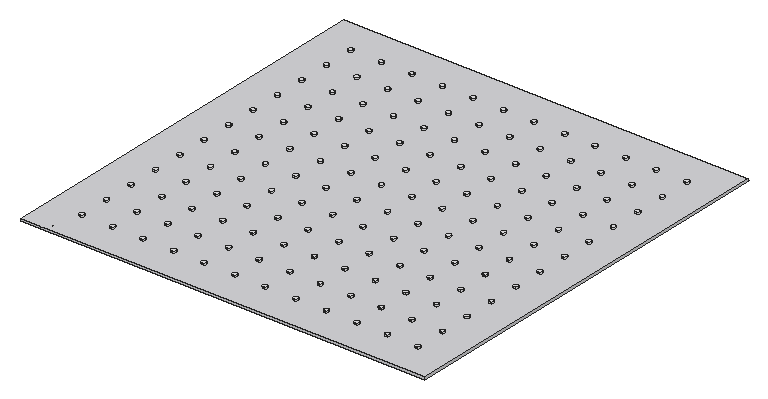
Revit family "Shower-Showerhead-KOHLER-KATALYST-K-9301T", category Plumbing Fixtures, host Face, Revit 2017
Family settings
  Host = Face
  Round Connector Dimension = Use Diameter
  Part Type = Normal
  OmniClass Number = 23.31.17.00
  Cut with Voids When Loaded = No
  Shared = No
  Room Calculation Point = No
Parameters (values of type "CP-Polished Chrome")
  Width = 15 15/128"  # constant formula
  WaterSense Certified = 1 = 0  # no
  Waste Water Outlet = "Waste Water Outlet"  # constant formula
  Waste Connection = 1 = 0  # no
  Vent Connection = 1 = 0  # no
  URL = "http://www.kohler.com.cn/"
  Type = 1
  Tempered Water Inlet = "Tempered Water Inlet"  # constant formula
  Product Page URL = "https://www.kohler.com.cn/product/K-9301T-CL-CP/K-9301T-CL-CP/"
  Product Name = "KATALYST"  # constant formula
  Product Documentation Link = "https://files.kohler.com.cn/pdfs/9301t.pdf"
  Pressure = 0.00 psi
  Panel Thickness = 0"
  Model = if(Type = 1, "K-9301T-CL-CP", if(Type = 2, "K-9301T-CL-AF", if(Type = 3, "K-9301T-CL-BN", "NA")))  # "K-9301T-CL-CP"
  Material = "Premium Metal Construction"  # constant formula
  Master Format 2014 Name = "Residential Showers"  # constant formula
  Master Format 2014 = "22 42 23"  # constant formula
  Manufacturer Address = "Kohler Beijing Office (100016)\n36-2-03-B, No. 88, Liuxiang Road, Beijing"  # constant formula
  Manufacturer = "KOHLER Co."  # constant formula
  Length = 15 15/128"  # constant formula
  Hot Water Inlet = "Hot Water Inlet"  # constant formula
  Height = 2 103/256"  # constant formula
  HW Connection = 1 = 1  # yes
  Flow Rate = 0 GPM
  Finish = Kohler-Metal-CP-Polished_Chrome
  Environmental Product Declaration = ""
  Drain Included = 1 = 0  # no
  Description = "Lori Xpress Rain Ceiling Shower 14"  # constant formula
  Default Elevation = 0"
  Declare Label = ""
  Date Modified = "11/04/2020"  # constant formula
  Date Created = "11/04/2020"  # constant formula
  Copyright = "Copyright KOHLER Co."  # constant formula
  Contact Us = "http://www.kohler.com.cn/contact/contact-us/"
  Cold Water Inlet = "Cold Water Inlet"  # constant formula
  CW Connection = 1 = 0  # no
  Assembly Code = "D2010700"
  ADA Compliant = 1 = 0  # no
Reference planes (in)
  plane 1 "Center (Front/Back)": y = 0
  plane 2: z = 0
  plane 3 "Center (Left/Right)": x = 0
  plane 4: z = 2.40234
  plane 5: y = 7.55906
  plane 6: y = -7.55813
  plane 7: y = 0.49606
  plane 8: y = -0.49606
  plane 9: x = -7.55906
  plane 10: x = 7.55813
  plane 11: x = -0.49609
  plane 12: x = 0.49609
Dimensions and locks (in)
  "Height": plane 4 to level
  "Length": plane 6 to plane 5
  "Width": plane 9 to plane 10
  aligned and locked: plane 2 to host face
  aligned and locked: level to host face
  aligned and locked: plane 7 to nested 1
Automatic sketch dimensions
  host sketch curve to host sketch curve = 96"  (x2)
Nested families (in)
  nested 1: "K-9301T" at (0, 0, 0), type "K-9301T"
Connectors (in)
  piping at (0, 0, 0), diameter 0.5, driven by "HW Connection", driven by "Tempered Water Inlet"
    settings: on nested 1, index 1, connector inside diameter 24", connector length 0", flow factor 0, pipe flow 0 GPM, pressure drop 0.00 psi, fitting loss kfactor 0, connector angle 0.00°, fixture units 0, engagement length 0", angle of deflection 0.00°, flow configuration 0, flow direction 1, fitting loss method 0, system type 19, joint type 0, gender type 0, connector reference index -1, connector utility 1, adjustable connector no, is connector primary yes, connector description "Tempered Water Inlet"
Definition of nested family "K-9301T"
  Parameters (values of type "K-9301T")
    Material = none
  Reference planes (in)
    plane 1 "Center (Front/Back)": y = 0
    plane 2: z = 0
    plane 3 "Center (Left/Right)": x = 0
    plane 4: y = 0.49606
    plane 5: y = -0.49606
    plane 6: z = 2.40159
    plane 7: y = 7.55906
    plane 8: y = -7.55906
    plane 9: x = -7.55906
    plane 10: x = 7.55906
    plane 11: x = -0.49609
    plane 12: x = 0.49609
  Forms (in)
    Revolve 1, solid, material <- "Material", detail levels medium+fine
      sketch origin (0, 0, 0) x (0, 1, 0) y (0, 0, 1)
        loop
          line (0, 0) -> (0, 2.06693) -> (-0.7185, 2.06693) -> (-0.7185, 0.98819) -> (-0.44205, 0.98819)
          arc (-0.44205, 0.98819) -> (-0.3934, 0.92375) -> (-0.33489, 0.86809) r 0.49361
          arc (-0.33489, 0.86809) -> (-0.30972, 0.80361) -> (-0.3526, 0.74926) r 0.06965
          arc (-0.3526, 0.74926) -> (-0.45684, 0.665) -> (-0.49606, 0.53684) r 0.22899
          line (-0.49606, 0.53684) -> (-0.49606, 0.01986)
          arc (-0.49606, 0.01986) -> (-0.49025, 0.00582) -> (-0.4762, 0) r 0.01986
          line (-0.4762, 0) -> (0, 0)
        axis (0, 2.06693) -> (0, 0)
      angle from 0 to 360
    Extrusion 2, solid, material <- "Material", detail levels medium+fine
      sketch origin (0, 0, 0) x (0, 1, 0) y (0, 0, 1)
        loop
          line (6.92913, 2.32283) -> (-6.92913, 2.32283) -> (-6.92913, 2.12297)
          arc (-6.92913, 2.12297) -> (-6.91272, 2.08334) -> (-6.8731, 2.06693) r 0.05604
          line (-6.8731, 2.06693) -> (6.8731, 2.06693)
          arc (6.8731, 2.06693) -> (6.91272, 2.08334) -> (6.92913, 2.12297) r 0.05604
          line (6.92913, 2.12297) -> (6.92913, 2.32283)
      from -6.92913 to 6.92913
    Extrusion 3, solid, material <- "Material", detail levels medium+fine
      sketch origin (0, 0, 0) x (1, 0, 0) y (0, 0, 1)
        loop
          line (-7.55906, 2.32283) -> (7.55906, 2.32283) -> (7.55906, 2.40159) -> (-7.55906, 2.40159) -> (-7.55906, 2.32283)
      from -7.55906 to 7.55906
    Extrusion 4, solid, detail levels medium+fine
      sketch origin (0, 0, 0) x (1, 0, 0) y (0, 1, 0)
        loop
          circle (-0.57052, 6.28093) r 0.08381
        loop
          circle (-1.71358, 6.28093) r 0.08381
        loop
          circle (-2.85405, 6.28093) r 0.08381
        loop
          circle (-4.00018, 6.28093) r 0.08381
        loop
          circle (-5.13738, 6.28093) r 0.08381
        loop
          circle (-6.28188, 6.28093) r 0.08381
        loop
          circle (-6.28188, 5.13698) r 0.08381
        loop
          circle (-5.13743, 5.13698) r 0.08381
        loop
          circle (-3.99214, 5.13698) r 0.08381
        loop
          circle (-2.8546, 5.13698) r 0.08381
        loop
          circle (-1.71395, 5.13698) r 0.08381
        loop
          circle (-0.5698, 5.13698) r 0.08381
        loop
          circle (-0.5698, 3.98727) r 0.08381
        loop
          circle (-1.71268, 3.98727) r 0.08381
        loop
          circle (-2.85685, 3.98727) r 0.08381
        loop
          circle (-3.99496, 3.98727) r 0.08381
        loop
          circle (-5.13601, 3.98727) r 0.08381
        loop
          circle (-6.27903, 3.98727) r 0.08381
        loop
          circle (-6.27903, 2.84953) r 0.08381
        loop
          circle (-5.13782, 2.84953) r 0.08381
        loop
          circle (-3.99267, 2.84953) r 0.08381
        loop
          circle (-2.85369, 2.84953) r 0.08381
        loop
          circle (-1.70991, 2.84953) r 0.08381
        loop
          circle (-0.57088, 2.84953) r 0.08381
        loop
          circle (-0.57088, 1.70925) r 0.08381
        loop
          circle (-1.71034, 1.70925) r 0.08381
        loop
          circle (-2.85346, 1.70925) r 0.08381
        loop
          circle (-3.99568, 1.70925) r 0.08381
        loop
          circle (-5.13657, 1.70925) r 0.08381
        loop
          circle (-6.27901, 1.70925) r 0.08381
        loop
          circle (-6.27901, 0.56971) r 0.08381
        loop
          circle (-5.13921, 0.56971) r 0.08381
        loop
          circle (-3.9962, 0.56971) r 0.08381
        loop
          circle (-2.84787, 0.56971) r 0.08381
        loop
          circle (-1.70725, 0.56971) r 0.08381
        loop
          circle (-0.57244, 0.56971) r 0.08381
        loop
          circle (-0.57244, -0.5744) r 0.08381
        loop
          circle (-1.71575, -0.5744) r 0.08381
        loop
          circle (-2.85712, -0.5744) r 0.08381
        loop
          circle (-3.99316, -0.5744) r 0.08381
        loop
          circle (-5.1314, -0.5744) r 0.08381
        loop
          circle (-6.27895, -0.5744) r 0.08381
        loop
          circle (-0.57052, -6.28093) r 0.08381
        loop
          circle (-1.71358, -6.28093) r 0.08381
        loop
          circle (-2.85405, -6.28093) r 0.08381
        loop
          circle (-4.00018, -6.28093) r 0.08381
        loop
          circle (-5.13738, -6.28093) r 0.08381
        loop
          circle (-6.28188, -6.28093) r 0.08381
        loop
          circle (-6.28188, -5.13698) r 0.08381
        loop
          circle (-5.13743, -5.13698) r 0.08381
        loop
          circle (-3.99214, -5.13698) r 0.08381
        loop
          circle (-2.8546, -5.13698) r 0.08381
        loop
          circle (-1.71395, -5.13698) r 0.08381
        loop
          circle (-0.5698, -5.13698) r 0.08381
        loop
          circle (-0.5698, -3.98727) r 0.08381
        loop
          circle (-1.71268, -3.98727) r 0.08381
        loop
          circle (-2.85685, -3.98727) r 0.08381
        loop
          circle (-3.99496, -3.98727) r 0.08381
        loop
          circle (-5.13601, -3.98727) r 0.08381
        loop
          circle (-6.27903, -3.98727) r 0.08381
        loop
          circle (-6.27903, -2.84953) r 0.08381
        loop
          circle (-5.13782, -2.84953) r 0.08381
        loop
          circle (-3.99267, -2.84953) r 0.08381
        loop
          circle (-2.85369, -2.84953) r 0.08381
        loop
          circle (-1.70991, -2.84953) r 0.08381
        loop
          circle (-0.57088, -2.84953) r 0.08381
        loop
          circle (-0.57088, -1.70925) r 0.08381
        loop
          circle (-1.71034, -1.70925) r 0.08381
        loop
          circle (-2.85346, -1.70925) r 0.08381
        loop
          circle (-3.99568, -1.70925) r 0.08381
        loop
          circle (-5.13657, -1.70925) r 0.08381
        loop
          circle (-6.27901, -1.70925) r 0.08381
        loop
          circle (0.57052, 6.28093) r 0.08381
        loop
          circle (1.71358, 6.28093) r 0.08381
        loop
          circle (2.85405, 6.28093) r 0.08381
        loop
          circle (4.00018, 6.28093) r 0.08381
        loop
          circle (5.13738, 6.28093) r 0.08381
        loop
          circle (6.28188, 6.28093) r 0.08381
        loop
          circle (6.28188, 5.13698) r 0.08381
        loop
          circle (5.13743, 5.13698) r 0.08381
        loop
          circle (3.99214, 5.13698) r 0.08381
        loop
          circle (2.8546, 5.13698) r 0.08381
        loop
          circle (1.71395, 5.13698) r 0.08381
        loop
          circle (0.5698, 5.13698) r 0.08381
        loop
          circle (0.5698, 3.98727) r 0.08381
        loop
          circle (1.71268, 3.98727) r 0.08381
        loop
          circle (2.85685, 3.98727) r 0.08381
        loop
          circle (3.99496, 3.98727) r 0.08381
        loop
          circle (5.13601, 3.98727) r 0.08381
        loop
          circle (6.27903, 3.98727) r 0.08381
        loop
          circle (6.27903, 2.84953) r 0.08381
        loop
          circle (5.13782, 2.84953) r 0.08381
        loop
          circle (3.99267, 2.84953) r 0.08381
        loop
          circle (2.85369, 2.84953) r 0.08381
        loop
          circle (1.70991, 2.84953) r 0.08381
        loop
          circle (0.57088, 2.84953) r 0.08381
        loop
          circle (0.57088, 1.70925) r 0.08381
        loop
          circle (1.71034, 1.70925) r 0.08381
        loop
          circle (2.85346, 1.70925) r 0.08381
        loop
          circle (3.99568, 1.70925) r 0.08381
        loop
          circle (5.13657, 1.70925) r 0.08381
        loop
          circle (6.27901, 1.70925) r 0.08381
        loop
          circle (6.27901, 0.56971) r 0.08381
        loop
          circle (5.13921, 0.56971) r 0.08381
        loop
          circle (3.9962, 0.56971) r 0.08381
        loop
          circle (2.84787, 0.56971) r 0.08381
        loop
          circle (1.70725, 0.56971) r 0.08381
        loop
          circle (0.57244, 0.56971) r 0.08381
        loop
          circle (0.57244, -0.5744) r 0.08381
        loop
          circle (1.71575, -0.5744) r 0.08381
        loop
          circle (2.85712, -0.5744) r 0.08381
        loop
          circle (3.99316, -0.5744) r 0.08381
        loop
          circle (5.1314, -0.5744) r 0.08381
        loop
          circle (6.27895, -0.5744) r 0.08381
        loop
          circle (0.57052, -6.28093) r 0.08381
        loop
          circle (1.71358, -6.28093) r 0.08381
        loop
          circle (2.85405, -6.28093) r 0.08381
        loop
          circle (4.00018, -6.28093) r 0.08381
        loop
          circle (5.13738, -6.28093) r 0.08381
        loop
          circle (6.28188, -6.28093) r 0.08381
        loop
          circle (6.28188, -5.13698) r 0.08381
        loop
          circle (5.13743, -5.13698) r 0.08381
        loop
          circle (3.99214, -5.13698) r 0.08381
        loop
          circle (2.8546, -5.13698) r 0.08381
        loop
          circle (1.71395, -5.13698) r 0.08381
        loop
          circle (0.5698, -5.13698) r 0.08381
        loop
          circle (0.5698, -3.98727) r 0.08381
        loop
          circle (1.71268, -3.98727) r 0.08381
        loop
          circle (2.85685, -3.98727) r 0.08381
        loop
          circle (3.99496, -3.98727) r 0.08381
        loop
          circle (5.13601, -3.98727) r 0.08381
        loop
          circle (6.27903, -3.98727) r 0.08381
        loop
          circle (6.27903, -2.84953) r 0.08381
        loop
          circle (5.13782, -2.84953) r 0.08381
        loop
          circle (3.99267, -2.84953) r 0.08381
        loop
          circle (2.85369, -2.84953) r 0.08381
        loop
          circle (1.70991, -2.84953) r 0.08381
        loop
          circle (0.57088, -2.84953) r 0.08381
        loop
          circle (0.57088, -1.70925) r 0.08381
        loop
          circle (1.71034, -1.70925) r 0.08381
        loop
          circle (2.85346, -1.70925) r 0.08381
        loop
          circle (3.99568, -1.70925) r 0.08381
        loop
          circle (5.13657, -1.70925) r 0.08381
        loop
          circle (6.27901, -1.70925) r 0.08381
      from 2.25866 to 2.43036
    Extrusion 5, void
      sketch origin (0, 0, 0) x (0, 1, 0) y (0, 0, 1)
        loop
          line (0.19852, 0.16897) -> (0.19852, 0.53681)
          arc (0.19852, 0.53681) -> (0.18724, 0.58248) -> (0.15601, 0.61766) r 0.09816
          arc (0.15601, 0.61766) -> (0.08169, 0.65443) -> (0, 0.66867) r 0.29005
          arc (0, 0.66867) -> (-0.08169, 0.65443) -> (-0.15601, 0.61766) r 0.29005
          arc (-0.15601, 0.61766) -> (-0.18724, 0.58248) -> (-0.19852, 0.53681) r 0.09816
          line (-0.19852, 0.53681) -> (-0.19852, 0.16897)
          arc (-0.19852, 0.16897) -> (0, 0.12746) -> (0.19852, 0.16897) r 0.49544
      from 0.4315 to 0.68898
    Extrusion 6, void
      sketch origin (0, 0, 0) x (0, 1, 0) y (0, 0, 1)
        loop
          line (-0.20327, 1.46143) -> (-0.20327, 0.98819) -> (0.20551, 0.98819) -> (0.20551, 1.46143) -> (-0.20327, 1.46143)
      from 0.65066 to 1.01107
    Extrusion 7, void
      sketch origin (0, 0, 0) x (0, 1, 0) y (0, 0, 1)
        loop
          arc (0.19852, 0.53684) -> (0.18774, 0.58017) -> (0.15793, 0.61341) r 0.09254
          arc (0.15793, 0.61341) -> (0.0826, 0.65055) -> (0, 0.66575) r 0.30515
          arc (0, 0.66575) -> (-0.0826, 0.65055) -> (-0.15793, 0.61341) r 0.30515
          arc (-0.15793, 0.61341) -> (-0.18932, 0.57706) -> (-0.19825, 0.52987) r 0.09254
          line (-0.19825, 0.52987) -> (-0.19825, 0.16774)
          arc (-0.19825, 0.16774) -> (0.00014, 0.12745) -> (0.19852, 0.16785) r 0.50786
          line (0.19852, 0.16785) -> (0.19852, 0.53684)
      from -0.75336 to -0.46987
    Extrusion 8, void
      sketch origin (0, 0, 0) x (0, 1, 0) y (0, 0, 1)
        loop
          line (0.20386, 1.46462) -> (-0.20426, 1.46462) -> (-0.20426, 0.98819) -> (0.20386, 0.98819) -> (0.20386, 1.46462)
      from -0.91154 to -0.64986
    Revolve 9, solid, material <- "Material", detail levels coarse
      sketch origin (0, 0, 0) x (0, 1, 0) y (0, 0, 1)
        loop
          line (0, 0) -> (0.54127, 0) -> (0.54127, 0.59055)
          arc (0.54127, 0.59055) -> (0.49577, 0.78937) -> (0.54127, 0.98819) r 0.45715
          line (0.54127, 0.98819) -> (0.76119, 0.98819) -> (0.76119, 2.11735) -> (0, 2.11735) -> (0, 0)
        axis (0, 2.11735) -> (0, 0)
      angle from 0 to 360
    Extrusion 10, solid, material <- "Material", detail levels coarse
      sketch origin (0, 0, 0) x (0, 1, 0) y (0, 0, 1)
        loop
          line (0, 2.06693) -> (7.67717, 2.06693) -> (7.67717, 2.53878) -> (0, 2.53878) -> (-7.67717, 2.53878) -> (-7.67717, 2.06693) -> (0, 2.06693)
      from -7.55906 to 7.55906
    Extrusion 11, solid, material <- "Material"
      sketch origin (0, 0, 0) x (1, 0, 0) y (0, 1, 0)
        loop
          circle (0, 0) r 0.11875
      from 0 to 0.07029
  Cuts and joins
    Extrusion 5, Extrusion 6, Extrusion 7, Extrusion 8 cuts Revolve 1
    joined: Revolve 1, Extrusion 2, Extrusion 3
  Lines and regions (in)
    Masking region 1
      outline origin (0, 0, 0) x (0, 1, 0) y (0, 0, 1)
        loop
          line (0, 0) -> (0.47576, 0)
          arc (0.47576, 0) -> (0.49021, 0.00604) -> (0.49606, 0.02056) r 0.0203
          line (0.49606, 0.02056) -> (0.49606, 0.55063)
          arc (0.49606, 0.55063) -> (0.48573, 0.61182) -> (0.45587, 0.66623) r 0.18633
          arc (0.45587, 0.66623) -> (0.41889, 0.71048) -> (0.36992, 0.74094) r 0.18191
          arc (0.36992, 0.74094) -> (0.35401, 0.7489) -> (0.33821, 0.7571) r 1.21804
          arc (0.33821, 0.7571) -> (0.30933, 0.81446) -> (0.33821, 0.87181) r 0.0714
          arc (0.33821, 0.87181) -> (0.3961, 0.92468) -> (0.44205, 0.98819) r 0.38408
          line (0.44205, 0.98819) -> (0.7185, 0.98819) -> (0.7185, 2.06693) -> (6.8731, 2.06693)
          arc (6.8731, 2.06693) -> (6.91272, 2.08334) -> (6.92913, 2.12297) r 0.05604
          line (6.92913, 2.12297) -> (6.92913, 2.32283) -> (7.55906, 2.32283) -> (7.55906, 2.40159) -> (6.36459, 2.40159) -> (6.36459, 2.43284) -> (6.19668, 2.43284) -> (6.19668, 2.40159) -> (5.22081, 2.40159) -> (5.22081, 2.43349) -> (5.05283, 2.43349) -> (5.05283, 2.40159) -> (4.07111, 2.40159) -> (4.07111, 2.43294) -> (3.90336, 2.43294) -> (3.90336, 2.40159) -> (2.93357, 2.40159) -> (2.93357, 2.4334) -> (2.76546, 2.4334) -> (2.76546, 2.40159) -> (1.79296, 2.40159) -> (1.79296, 2.43549) -> (1.62546, 2.43549) -> (1.62546, 2.40159) -> (0.65318, 2.40159) -> (0.65318, 2.433) -> (0.48349, 2.433) -> (0.48349, 2.40159) -> (0, 2.40159) -> (-0.48349, 2.40159) -> (-0.48349, 2.433) -> (-0.65318, 2.433) -> (-0.65318, 2.40159) -> (-1.62546, 2.40159) -> (-1.62546, 2.43549) -> (-1.79296, 2.43549) -> (-1.79296, 2.40159) -> (-2.76546, 2.40159) -> (-2.76546, 2.4334) -> (-2.93357, 2.4334) -> (-2.93357, 2.40159) -> (-3.90336, 2.40159) -> (-3.90336, 2.43294) -> (-4.07111, 2.43294) -> (-4.07111, 2.40159) -> (-5.05283, 2.40159) -> (-5.05283, 2.43349) -> (-5.22081, 2.43349) -> (-5.22081, 2.40159) -> (-6.19668, 2.40159) -> (-6.19668, 2.43284) -> (-6.36459, 2.43284) -> (-6.36459, 2.40159) -> (-7.55906, 2.40159) -> (-7.55906, 2.32283) -> (-6.92913, 2.32283) -> (-6.92913, 2.12297)
          arc (-6.92913, 2.12297) -> (-6.91272, 2.08334) -> (-6.8731, 2.06693) r 0.05604
          line (-6.8731, 2.06693) -> (-0.7185, 2.06693) -> (-0.7185, 0.98819) -> (-0.44205, 0.98819)
          arc (-0.44205, 0.98819) -> (-0.3961, 0.92468) -> (-0.33821, 0.87181) r 0.38408
          arc (-0.33821, 0.87181) -> (-0.30933, 0.81446) -> (-0.33821, 0.7571) r 0.0714
          arc (-0.33821, 0.7571) -> (-0.35401, 0.7489) -> (-0.36992, 0.74094) r 1.21804
          arc (-0.36992, 0.74094) -> (-0.41889, 0.71048) -> (-0.45587, 0.66623) r 0.18191
          arc (-0.45587, 0.66623) -> (-0.48573, 0.61182) -> (-0.49606, 0.55063) r 0.18633
          line (-0.49606, 0.55063) -> (-0.49606, 0.02056)
          arc (-0.49606, 0.02056) -> (-0.49021, 0.00604) -> (-0.47576, 0) r 0.0203
          line (-0.47576, 0) -> (0, 0)
    Masking region 2
      outline origin (0, 0, 0) x (1, 0, 0) y (0, 0, 1)
        loop
          line (-0.46987, 0.15308) -> (-0.49609, 0.12686) -> (-0.49609, 0.02025)
          arc (-0.49609, 0.02025) -> (-0.48843, 0.00379) -> (-0.47069, 0) r 0.02034
          line (-0.47069, 0) -> (0, 0) -> (0.47069, 0)
          arc (0.47069, 0) -> (0.48843, 0.00379) -> (0.49609, 0.02025) r 0.02034
          line (0.49609, 0.02025) -> (0.49609, 0.12686) -> (0.46987, 0.15308) -> (0.46987, 0.64318)
          arc (0.46987, 0.64318) -> (0.43088, 0.69828) -> (0.37579, 0.73727) r 0.19998
          arc (0.37579, 0.73727) -> (0.3571, 0.74691) -> (0.33902, 0.75765) r 0.35118
          arc (0.33902, 0.75765) -> (0.30824, 0.80932) -> (0.33153, 0.86477) r 0.06673
          arc (0.33153, 0.86477) -> (0.39117, 0.9228) -> (0.44266, 0.98819) r 0.63045
          line (0.44266, 0.98819) -> (0.68886, 0.98819) -> (0.68886, 1.46462) -> (0.72431, 1.46462) -> (0.72431, 2.06693) -> (6.92913, 2.06693) -> (6.92913, 2.32283) -> (7.55906, 2.32283) -> (7.55906, 2.40159) -> (6.36587, 2.40159) -> (6.36587, 2.43319) -> (6.19504, 2.43319) -> (6.19504, 2.40159) -> (5.22291, 2.40159) -> (5.22291, 2.43369) -> (5.04642, 2.43369) -> (5.04642, 2.40159) -> (4.08397, 2.40159) -> (4.08397, 2.43236) -> (3.90744, 2.43236) -> (3.90744, 2.40159) -> (2.94094, 2.40159) -> (2.94094, 2.43288) -> (2.76401, 2.43288) -> (2.76401, 2.40159) -> (1.79951, 2.40159) -> (1.79951, 2.4328) -> (1.62193, 2.4328) -> (1.62193, 2.40159) -> (0.65612, 2.40159) -> (0.65612, 2.43291) -> (0.48315, 2.43291) -> (0.48315, 2.40159) -> (0, 2.40159) -> (-0.48315, 2.40159) -> (-0.48315, 2.43291) -> (-0.65612, 2.43291) -> (-0.65612, 2.40159) -> (-1.62193, 2.40159) -> (-1.62193, 2.4328) -> (-1.79951, 2.4328) -> (-1.79951, 2.40159) -> (-2.76401, 2.40159) -> (-2.76401, 2.43288) -> (-2.94094, 2.43288) -> (-2.94094, 2.40159) -> (-3.90744, 2.40159) -> (-3.90744, 2.43236) -> (-4.08397, 2.43236) -> (-4.08397, 2.40159) -> (-5.04642, 2.40159) -> (-5.04642, 2.43369) -> (-5.22291, 2.43369) -> (-5.22291, 2.40159) -> (-6.19504, 2.40159) -> (-6.19504, 2.43319) -> (-6.36587, 2.43319) -> (-6.36587, 2.40159) -> (-7.55906, 2.40159) -> (-7.55906, 2.32283) -> (-6.92913, 2.32283) -> (-6.92913, 2.06693) -> (-0.72431, 2.06693) -> (-0.72431, 1.46462) -> (-0.68886, 1.46462) -> (-0.68886, 0.98819) -> (-0.44266, 0.98819)
          arc (-0.44266, 0.98819) -> (-0.39117, 0.9228) -> (-0.33153, 0.86477) r 0.63045
          arc (-0.33153, 0.86477) -> (-0.30824, 0.80932) -> (-0.33902, 0.75765) r 0.06673
          arc (-0.33902, 0.75765) -> (-0.3571, 0.74691) -> (-0.37579, 0.73727) r 0.35118
          arc (-0.37579, 0.73727) -> (-0.43088, 0.69828) -> (-0.46987, 0.64318) r 0.19998
          line (-0.46987, 0.64318) -> (-0.46987, 0.15308)
    Masking region 3
      outline origin (0, 0, 0) x (1, 0, 0) y (0, 1, 0)
        loop
          line (7.55906, 7.55906) -> (-7.55906, 7.55906) -> (-7.55906, -7.55906) -> (7.55906, -7.55906) -> (7.55906, 7.55906)
    symbolic lines, detail levels medium+fine
      curve 1: arc (-6.19806, 6.28093, 0) -> (-6.28188, 6.36475, 0) -> (-6.36569, 6.28093, 0) r 0.08381
      curve 2: arc (-6.36569, 6.28093, 0) -> (-6.28188, 6.19712, 0) -> (-6.19806, 6.28093, 0) r 0.08381
      curve 3: arc (-5.05356, 6.28093, 0) -> (-5.13738, 6.36475, 0) -> (-5.22119, 6.28093, 0) r 0.08381
      curve 4: arc (-5.22119, 6.28093, 0) -> (-5.13738, 6.19712, 0) -> (-5.05356, 6.28093, 0) r 0.08381
      curve 5: arc (-3.91637, 6.28093, 0) -> (-4.00018, 6.36475, 0) -> (-4.084, 6.28093, 0) r 0.08381
      curve 6: arc (-4.084, 6.28093, 0) -> (-4.00018, 6.19712, 0) -> (-3.91637, 6.28093, 0) r 0.08381
      curve 7: arc (-2.77023, 6.28093, 0) -> (-2.85405, 6.36475, 0) -> (-2.93786, 6.28093, 0) r 0.08381
      curve 8: arc (-2.93786, 6.28093, 0) -> (-2.85405, 6.19712, 0) -> (-2.77023, 6.28093, 0) r 0.08381
      curve 9: arc (-1.62976, 6.28093, 0) -> (-1.71358, 6.36475, 0) -> (-1.79739, 6.28093, 0) r 0.08381
      curve 10: arc (-1.79739, 6.28093, 0) -> (-1.71358, 6.19712, 0) -> (-1.62976, 6.28093, 0) r 0.08381
      curve 11: arc (-0.48671, 6.28093, 0) -> (-0.57052, 6.36475, 0) -> (-0.65433, 6.28093, 0) r 0.08381
      curve 12: arc (-0.65433, 6.28093, 0) -> (-0.57052, 6.19712, 0) -> (-0.48671, 6.28093, 0) r 0.08381
      curve 13: arc (-6.19806, 5.13698, 0) -> (-6.28188, 5.22079, 0) -> (-6.36569, 5.13698, 0) r 0.08381
      curve 14: arc (-6.36569, 5.13698, 0) -> (-6.28188, 5.05316, 0) -> (-6.19806, 5.13698, 0) r 0.08381
      curve 15: arc (-5.05361, 5.13698, 0) -> (-5.13743, 5.22079, 0) -> (-5.22124, 5.13698, 0) r 0.08381
      curve 16: arc (-5.22124, 5.13698, 0) -> (-5.13743, 5.05316, 0) -> (-5.05361, 5.13698, 0) r 0.08381
      curve 17: arc (-3.90832, 5.13698, 0) -> (-3.99214, 5.22079, 0) -> (-4.07595, 5.13698, 0) r 0.08381
      curve 18: arc (-4.07595, 5.13698, 0) -> (-3.99214, 5.05316, 0) -> (-3.90832, 5.13698, 0) r 0.08381
      curve 19: arc (-2.77079, 5.13698, 0) -> (-2.8546, 5.22079, 0) -> (-2.93842, 5.13698, 0) r 0.08381
      curve 20: arc (-2.93842, 5.13698, 0) -> (-2.8546, 5.05316, 0) -> (-2.77079, 5.13698, 0) r 0.08381
      curve 21: arc (-1.63014, 5.13698, 0) -> (-1.71395, 5.22079, 0) -> (-1.79777, 5.13698, 0) r 0.08381
      curve 22: arc (-1.79777, 5.13698, 0) -> (-1.71395, 5.05316, 0) -> (-1.63014, 5.13698, 0) r 0.08381
      curve 23: arc (-0.48598, 5.13698, 0) -> (-0.5698, 5.22079, 0) -> (-0.65361, 5.13698, 0) r 0.08381
      curve 24: arc (-0.65361, 5.13698, 0) -> (-0.5698, 5.05316, 0) -> (-0.48598, 5.13698, 0) r 0.08381
      curve 25: arc (-6.19522, 3.98727, 0) -> (-6.27903, 4.07109, 0) -> (-6.36285, 3.98727, 0) r 0.08381
      curve 26: arc (-6.36285, 3.98727, 0) -> (-6.27903, 3.90346, 0) -> (-6.19522, 3.98727, 0) r 0.08381
      curve 27: arc (-5.0522, 3.98727, 0) -> (-5.13601, 4.07109, 0) -> (-5.21983, 3.98727, 0) r 0.08381
      curve 28: arc (-5.21983, 3.98727, 0) -> (-5.13601, 3.90346, 0) -> (-5.0522, 3.98727, 0) r 0.08381
      curve 29: arc (-3.91114, 3.98727, 0) -> (-3.99496, 4.07109, 0) -> (-4.07877, 3.98727, 0) r 0.08381
      curve 30: arc (-4.07877, 3.98727, 0) -> (-3.99496, 3.90346, 0) -> (-3.91114, 3.98727, 0) r 0.08381
      curve 31: arc (-2.77304, 3.98727, 0) -> (-2.85685, 4.07109, 0) -> (-2.94067, 3.98727, 0) r 0.08381
      curve 32: arc (-2.94067, 3.98727, 0) -> (-2.85685, 3.90346, 0) -> (-2.77304, 3.98727, 0) r 0.08381
      curve 33: arc (-1.62887, 3.98727, 0) -> (-1.71268, 4.07109, 0) -> (-1.7965, 3.98727, 0) r 0.08381
      curve 34: arc (-1.7965, 3.98727, 0) -> (-1.71268, 3.90346, 0) -> (-1.62887, 3.98727, 0) r 0.08381
      curve 35: arc (-0.48598, 3.98727, 0) -> (-0.5698, 4.07109, 0) -> (-0.65361, 3.98727, 0) r 0.08381
      curve 36: arc (-0.65361, 3.98727, 0) -> (-0.5698, 3.90346, 0) -> (-0.48598, 3.98727, 0) r 0.08381
      curve 37: arc (-0.65469, 2.84953, 0) -> (-0.57088, 2.76571, 0) -> (-0.48706, 2.84953, 0) r 0.08381
      curve 38: arc (-0.48706, 2.84953, 0) -> (-0.57088, 2.93334, 0) -> (-0.65469, 2.84953, 0) r 0.08381
      curve 39: arc (-1.79372, 2.84953, 0) -> (-1.70991, 2.76571, 0) -> (-1.62609, 2.84953, 0) r 0.08381
      curve 40: arc (-1.62609, 2.84953, 0) -> (-1.70991, 2.93334, 0) -> (-1.79372, 2.84953, 0) r 0.08381
      curve 41: arc (-2.9375, 2.84953, 0) -> (-2.85369, 2.76571, 0) -> (-2.76987, 2.84953, 0) r 0.08381
      curve 42: arc (-2.76987, 2.84953, 0) -> (-2.85369, 2.93334, 0) -> (-2.9375, 2.84953, 0) r 0.08381
      curve 43: arc (-4.07649, 2.84953, 0) -> (-3.99267, 2.76571, 0) -> (-3.90886, 2.84953, 0) r 0.08381
      curve 44: arc (-3.90886, 2.84953, 0) -> (-3.99267, 2.93334, 0) -> (-4.07649, 2.84953, 0) r 0.08381
      curve 45: arc (-5.22164, 2.84953, 0) -> (-5.13782, 2.76571, 0) -> (-5.05401, 2.84953, 0) r 0.08381
      curve 46: arc (-5.05401, 2.84953, 0) -> (-5.13782, 2.93334, 0) -> (-5.22164, 2.84953, 0) r 0.08381
      curve 47: arc (-6.36285, 2.84953, 0) -> (-6.27903, 2.76571, 0) -> (-6.19522, 2.84953, 0) r 0.08381
      curve 48: arc (-6.19522, 2.84953, 0) -> (-6.27903, 2.93334, 0) -> (-6.36285, 2.84953, 0) r 0.08381
      curve 49: arc (-6.36283, 1.70925, 0) -> (-6.27901, 1.62544, 0) -> (-6.1952, 1.70925, 0) r 0.08381
      curve 50: arc (-6.1952, 1.70925, 0) -> (-6.27901, 1.79306, 0) -> (-6.36283, 1.70925, 0) r 0.08381
      curve 51: arc (-5.22038, 1.70925, 0) -> (-5.13657, 1.62544, 0) -> (-5.05275, 1.70925, 0) r 0.08381
      curve 52: arc (-5.05275, 1.70925, 0) -> (-5.13657, 1.79306, 0) -> (-5.22038, 1.70925, 0) r 0.08381
      curve 53: arc (-4.07949, 1.70925, 0) -> (-3.99568, 1.62544, 0) -> (-3.91187, 1.70925, 0) r 0.08381
      curve 54: arc (-3.91187, 1.70925, 0) -> (-3.99568, 1.79306, 0) -> (-4.07949, 1.70925, 0) r 0.08381
      curve 55: arc (-2.93727, 1.70925, 0) -> (-2.85346, 1.62544, 0) -> (-2.76964, 1.70925, 0) r 0.08381
      curve 56: arc (-2.76964, 1.70925, 0) -> (-2.85346, 1.79306, 0) -> (-2.93727, 1.70925, 0) r 0.08381
      curve 57: arc (-1.79416, 1.70925, 0) -> (-1.71034, 1.62544, 0) -> (-1.62653, 1.70925, 0) r 0.08381
      curve 58: arc (-1.62653, 1.70925, 0) -> (-1.71034, 1.79306, 0) -> (-1.79416, 1.70925, 0) r 0.08381
      curve 59: arc (-0.65469, 1.70925, 0) -> (-0.57088, 1.62544, 0) -> (-0.48706, 1.70925, 0) r 0.08381
      curve 60: arc (-0.48706, 1.70925, 0) -> (-0.57088, 1.79306, 0) -> (-0.65469, 1.70925, 0) r 0.08381
      curve 61: arc (-0.65626, 0.56971, 0) -> (-0.57244, 0.48589, 0) -> (-0.48863, 0.56971, 0) r 0.08381
      curve 62: arc (-0.48863, 0.56971, 0) -> (-0.57244, 0.65352, 0) -> (-0.65626, 0.56971, 0) r 0.08381
      curve 63: arc (-1.79107, 0.56971, 0) -> (-1.70725, 0.48589, 0) -> (-1.62344, 0.56971, 0) r 0.08381
      curve 64: arc (-1.62344, 0.56971, 0) -> (-1.70725, 0.65352, 0) -> (-1.79107, 0.56971, 0) r 0.08381
      curve 65: arc (-2.93169, 0.56971, 0) -> (-2.84787, 0.48589, 0) -> (-2.76406, 0.56971, 0) r 0.08381
      curve 66: arc (-2.76406, 0.56971, 0) -> (-2.84787, 0.65352, 0) -> (-2.93169, 0.56971, 0) r 0.08381
      curve 67: arc (-4.08002, 0.56971, 0) -> (-3.9962, 0.48589, 0) -> (-3.91239, 0.56971, 0) r 0.08381
      curve 68: arc (-3.91239, 0.56971, 0) -> (-3.9962, 0.65352, 0) -> (-4.08002, 0.56971, 0) r 0.08381
      curve 69: arc (-5.05539, 0.56971, 0) -> (-5.13921, 0.65352, 0) -> (-5.22302, 0.56971, 0) r 0.08381
      curve 70: arc (-5.22302, 0.56971, 0) -> (-5.13921, 0.48589, 0) -> (-5.05539, 0.56971, 0) r 0.08381
      curve 71: arc (-6.36283, 0.56971, 0) -> (-6.27901, 0.48589, 0) -> (-6.1952, 0.56971, 0) r 0.08381
      curve 72: arc (-6.1952, 0.56971, 0) -> (-6.27901, 0.65352, 0) -> (-6.36283, 0.56971, 0) r 0.08381
      curve 73: arc (-6.19806, -6.28093, 0) -> (-6.28188, -6.36475, 0) -> (-6.36569, -6.28093, 0) r 0.08381
      curve 74: arc (-6.36569, -6.28093, 0) -> (-6.28188, -6.19712, 0) -> (-6.19806, -6.28093, 0) r 0.08381
      curve 75: arc (-5.05356, -6.28093, 0) -> (-5.13738, -6.36475, 0) -> (-5.22119, -6.28093, 0) r 0.08381
      curve 76: arc (-5.22119, -6.28093, 0) -> (-5.13738, -6.19712, 0) -> (-5.05356, -6.28093, 0) r 0.08381
      curve 77: arc (-3.91637, -6.28093, 0) -> (-4.00018, -6.36475, 0) -> (-4.084, -6.28093, 0) r 0.08381
      curve 78: arc (-4.084, -6.28093, 0) -> (-4.00018, -6.19712, 0) -> (-3.91637, -6.28093, 0) r 0.08381
      curve 79: arc (-2.77023, -6.28093, 0) -> (-2.85405, -6.36475, 0) -> (-2.93786, -6.28093, 0) r 0.08381
      curve 80: arc (-2.93786, -6.28093, 0) -> (-2.85405, -6.19712, 0) -> (-2.77023, -6.28093, 0) r 0.08381
      curve 81: arc (-1.62976, -6.28093, 0) -> (-1.71358, -6.36475, 0) -> (-1.79739, -6.28093, 0) r 0.08381
      curve 82: arc (-1.79739, -6.28093, 0) -> (-1.71358, -6.19712, 0) -> (-1.62976, -6.28093, 0) r 0.08381
      curve 83: arc (-0.48671, -6.28093, 0) -> (-0.57052, -6.36475, 0) -> (-0.65433, -6.28093, 0) r 0.08381
      curve 84: arc (-0.65433, -6.28093, 0) -> (-0.57052, -6.19712, 0) -> (-0.48671, -6.28093, 0) r 0.08381
      curve 85: arc (-6.19806, -5.13698, 0) -> (-6.28188, -5.22079, 0) -> (-6.36569, -5.13698, 0) r 0.08381
      curve 86: arc (-6.36569, -5.13698, 0) -> (-6.28188, -5.05316, 0) -> (-6.19806, -5.13698, 0) r 0.08381
      curve 87: arc (-5.05361, -5.13698, 0) -> (-5.13743, -5.22079, 0) -> (-5.22124, -5.13698, 0) r 0.08381
      curve 88: arc (-5.22124, -5.13698, 0) -> (-5.13743, -5.05316, 0) -> (-5.05361, -5.13698, 0) r 0.08381
      curve 89: arc (-3.90832, -5.13698, 0) -> (-3.99214, -5.22079, 0) -> (-4.07595, -5.13698, 0) r 0.08381
      curve 90: arc (-4.07595, -5.13698, 0) -> (-3.99214, -5.05316, 0) -> (-3.90832, -5.13698, 0) r 0.08381
      curve 91: arc (-2.77079, -5.13698, 0) -> (-2.8546, -5.22079, 0) -> (-2.93842, -5.13698, 0) r 0.08381
      curve 92: arc (-2.93842, -5.13698, 0) -> (-2.8546, -5.05316, 0) -> (-2.77079, -5.13698, 0) r 0.08381
      curve 93: arc (-1.63014, -5.13698, 0) -> (-1.71395, -5.22079, 0) -> (-1.79777, -5.13698, 0) r 0.08381
      curve 94: arc (-1.79777, -5.13698, 0) -> (-1.71395, -5.05316, 0) -> (-1.63014, -5.13698, 0) r 0.08381
      curve 95: arc (-0.48598, -5.13698, 0) -> (-0.5698, -5.22079, 0) -> (-0.65361, -5.13698, 0) r 0.08381
      curve 96: arc (-0.65361, -5.13698, 0) -> (-0.5698, -5.05316, 0) -> (-0.48598, -5.13698, 0) r 0.08381
      curve 97: arc (-6.19522, -3.98727, 0) -> (-6.27903, -4.07109, 0) -> (-6.36285, -3.98727, 0) r 0.08381
      curve 98: arc (-6.36285, -3.98727, 0) -> (-6.27903, -3.90346, 0) -> (-6.19522, -3.98727, 0) r 0.08381
      curve 99: arc (-5.0522, -3.98727, 0) -> (-5.13601, -4.07109, 0) -> (-5.21983, -3.98727, 0) r 0.08381
      curve 100: arc (-5.21983, -3.98727, 0) -> (-5.13601, -3.90346, 0) -> (-5.0522, -3.98727, 0) r 0.08381
      curve 101: arc (-3.91114, -3.98727, 0) -> (-3.99496, -4.07109, 0) -> (-4.07877, -3.98727, 0) r 0.08381
      curve 102: arc (-4.07877, -3.98727, 0) -> (-3.99496, -3.90346, 0) -> (-3.91114, -3.98727, 0) r 0.08381
      curve 103: arc (-2.77304, -3.98727, 0) -> (-2.85685, -4.07109, 0) -> (-2.94067, -3.98727, 0) r 0.08381
      curve 104: arc (-2.94067, -3.98727, 0) -> (-2.85685, -3.90346, 0) -> (-2.77304, -3.98727, 0) r 0.08381
      curve 105: arc (-1.62887, -3.98727, 0) -> (-1.71268, -4.07109, 0) -> (-1.7965, -3.98727, 0) r 0.08381
      curve 106: arc (-1.7965, -3.98727, 0) -> (-1.71268, -3.90346, 0) -> (-1.62887, -3.98727, 0) r 0.08381
      curve 107: arc (-0.48598, -3.98727, 0) -> (-0.5698, -4.07109, 0) -> (-0.65361, -3.98727, 0) r 0.08381
      curve 108: arc (-0.65361, -3.98727, 0) -> (-0.5698, -3.90346, 0) -> (-0.48598, -3.98727, 0) r 0.08381
      curve 109: arc (-0.65469, -2.84953, 0) -> (-0.57088, -2.76571, 0) -> (-0.48706, -2.84953, 0) r 0.08381
      curve 110: arc (-0.48706, -2.84953, 0) -> (-0.57088, -2.93334, 0) -> (-0.65469, -2.84953, 0) r 0.08381
      curve 111: arc (-1.79372, -2.84953, 0) -> (-1.70991, -2.76571, 0) -> (-1.62609, -2.84953, 0) r 0.08381
      curve 112: arc (-1.62609, -2.84953, 0) -> (-1.70991, -2.93334, 0) -> (-1.79372, -2.84953, 0) r 0.08381
      curve 113: arc (-2.9375, -2.84953, 0) -> (-2.85369, -2.76571, 0) -> (-2.76987, -2.84953, 0) r 0.08381
      curve 114: arc (-2.76987, -2.84953, 0) -> (-2.85369, -2.93334, 0) -> (-2.9375, -2.84953, 0) r 0.08381
      curve 115: arc (-4.07649, -2.84953, 0) -> (-3.99267, -2.76571, 0) -> (-3.90886, -2.84953, 0) r 0.08381
      curve 116: arc (-3.90886, -2.84953, 0) -> (-3.99267, -2.93334, 0) -> (-4.07649, -2.84953, 0) r 0.08381
      curve 117: arc (-5.22164, -2.84953, 0) -> (-5.13782, -2.76571, 0) -> (-5.05401, -2.84953, 0) r 0.08381
      curve 118: arc (-5.05401, -2.84953, 0) -> (-5.13782, -2.93334, 0) -> (-5.22164, -2.84953, 0) r 0.08381
      curve 119: arc (-6.36285, -2.84953, 0) -> (-6.27903, -2.76571, 0) -> (-6.19522, -2.84953, 0) r 0.08381
      curve 120: arc (-6.19522, -2.84953, 0) -> (-6.27903, -2.93334, 0) -> (-6.36285, -2.84953, 0) r 0.08381
      curve 121: arc (-6.36283, -1.70925, 0) -> (-6.27901, -1.62544, 0) -> (-6.1952, -1.70925, 0) r 0.08381
      curve 122: arc (-6.1952, -1.70925, 0) -> (-6.27901, -1.79306, 0) -> (-6.36283, -1.70925, 0) r 0.08381
      curve 123: arc (-5.22038, -1.70925, 0) -> (-5.13657, -1.62544, 0) -> (-5.05275, -1.70925, 0) r 0.08381
      curve 124: arc (-5.05275, -1.70925, 0) -> (-5.13657, -1.79306, 0) -> (-5.22038, -1.70925, 0) r 0.08381
      curve 125: arc (-4.07949, -1.70925, 0) -> (-3.99568, -1.62544, 0) -> (-3.91187, -1.70925, 0) r 0.08381
      curve 126: arc (-3.91187, -1.70925, 0) -> (-3.99568, -1.79306, 0) -> (-4.07949, -1.70925, 0) r 0.08381
      curve 127: arc (-2.93727, -1.70925, 0) -> (-2.85346, -1.62544, 0) -> (-2.76964, -1.70925, 0) r 0.08381
      curve 128: arc (-2.76964, -1.70925, 0) -> (-2.85346, -1.79306, 0) -> (-2.93727, -1.70925, 0) r 0.08381
      curve 129: arc (-1.79416, -1.70925, 0) -> (-1.71034, -1.62544, 0) -> (-1.62653, -1.70925, 0) r 0.08381
      curve 130: arc (-1.62653, -1.70925, 0) -> (-1.71034, -1.79306, 0) -> (-1.79416, -1.70925, 0) r 0.08381
      curve 131: arc (-0.65469, -1.70925, 0) -> (-0.57088, -1.62544, 0) -> (-0.48706, -1.70925, 0) r 0.08381
      curve 132: arc (-0.48706, -1.70925, 0) -> (-0.57088, -1.79306, 0) -> (-0.65469, -1.70925, 0) r 0.08381
      curve 133: arc (-0.65626, -0.56971, 0) -> (-0.57244, -0.48589, 0) -> (-0.48863, -0.56971, 0) r 0.08381
      curve 134: arc (-0.48863, -0.56971, 0) -> (-0.57244, -0.65352, 0) -> (-0.65626, -0.56971, 0) r 0.08381
      curve 135: arc (-1.79107, -0.56971, 0) -> (-1.70725, -0.48589, 0) -> (-1.62344, -0.56971, 0) r 0.08381
      curve 136: arc (-1.62344, -0.56971, 0) -> (-1.70725, -0.65352, 0) -> (-1.79107, -0.56971, 0) r 0.08381
      curve 137: arc (-2.93169, -0.56971, 0) -> (-2.84787, -0.48589, 0) -> (-2.76406, -0.56971, 0) r 0.08381
      curve 138: arc (-2.76406, -0.56971, 0) -> (-2.84787, -0.65352, 0) -> (-2.93169, -0.56971, 0) r 0.08381
      curve 139: arc (-4.08002, -0.56971, 0) -> (-3.9962, -0.48589, 0) -> (-3.91239, -0.56971, 0) r 0.08381
      curve 140: arc (-3.91239, -0.56971, 0) -> (-3.9962, -0.65352, 0) -> (-4.08002, -0.56971, 0) r 0.08381
      curve 141: arc (-5.05539, -0.56971, 0) -> (-5.13921, -0.65352, 0) -> (-5.22302, -0.56971, 0) r 0.08381
      curve 142: arc (-5.22302, -0.56971, 0) -> (-5.13921, -0.48589, 0) -> (-5.05539, -0.56971, 0) r 0.08381
      curve 143: arc (-6.36283, -0.56971, 0) -> (-6.27901, -0.48589, 0) -> (-6.1952, -0.56971, 0) r 0.08381
      curve 144: arc (-6.1952, -0.56971, 0) -> (-6.27901, -0.65352, 0) -> (-6.36283, -0.56971, 0) r 0.08381
      curve 145: arc (6.19806, 6.28093, 0) -> (6.28188, 6.36475, 0) -> (6.36569, 6.28093, 0) r 0.08381
      curve 146: arc (6.36569, 6.28093, 0) -> (6.28188, 6.19712, 0) -> (6.19806, 6.28093, 0) r 0.08381
      curve 147: arc (5.05356, 6.28093, 0) -> (5.13738, 6.36475, 0) -> (5.22119, 6.28093, 0) r 0.08381
      curve 148: arc (5.22119, 6.28093, 0) -> (5.13738, 6.19712, 0) -> (5.05356, 6.28093, 0) r 0.08381
      curve 149: arc (3.91637, 6.28093, 0) -> (4.00018, 6.36475, 0) -> (4.084, 6.28093, 0) r 0.08381
      curve 150: arc (4.084, 6.28093, 0) -> (4.00018, 6.19712, 0) -> (3.91637, 6.28093, 0) r 0.08381
      curve 151: arc (2.77023, 6.28093, 0) -> (2.85405, 6.36475, 0) -> (2.93786, 6.28093, 0) r 0.08381
      curve 152: arc (2.93786, 6.28093, 0) -> (2.85405, 6.19712, 0) -> (2.77023, 6.28093, 0) r 0.08381
      curve 153: arc (1.62976, 6.28093, 0) -> (1.71358, 6.36475, 0) -> (1.79739, 6.28093, 0) r 0.08381
      curve 154: arc (1.79739, 6.28093, 0) -> (1.71358, 6.19712, 0) -> (1.62976, 6.28093, 0) r 0.08381
      curve 155: arc (0.48671, 6.28093, 0) -> (0.57052, 6.36475, 0) -> (0.65433, 6.28093, 0) r 0.08381
      curve 156: arc (0.65433, 6.28093, 0) -> (0.57052, 6.19712, 0) -> (0.48671, 6.28093, 0) r 0.08381
      curve 157: arc (6.19806, 5.13698, 0) -> (6.28188, 5.22079, 0) -> (6.36569, 5.13698, 0) r 0.08381
      curve 158: arc (6.36569, 5.13698, 0) -> (6.28188, 5.05316, 0) -> (6.19806, 5.13698, 0) r 0.08381
      curve 159: arc (5.05361, 5.13698, 0) -> (5.13743, 5.22079, 0) -> (5.22124, 5.13698, 0) r 0.08381
      curve 160: arc (5.22124, 5.13698, 0) -> (5.13743, 5.05316, 0) -> (5.05361, 5.13698, 0) r 0.08381
      curve 161: arc (3.90832, 5.13698, 0) -> (3.99214, 5.22079, 0) -> (4.07595, 5.13698, 0) r 0.08381
      curve 162: arc (4.07595, 5.13698, 0) -> (3.99214, 5.05316, 0) -> (3.90832, 5.13698, 0) r 0.08381
      curve 163: arc (2.77079, 5.13698, 0) -> (2.8546, 5.22079, 0) -> (2.93842, 5.13698, 0) r 0.08381
      curve 164: arc (2.93842, 5.13698, 0) -> (2.8546, 5.05316, 0) -> (2.77079, 5.13698, 0) r 0.08381
      curve 165: arc (1.63014, 5.13698, 0) -> (1.71395, 5.22079, 0) -> (1.79777, 5.13698, 0) r 0.08381
      curve 166: arc (1.79777, 5.13698, 0) -> (1.71395, 5.05316, 0) -> (1.63014, 5.13698, 0) r 0.08381
      curve 167: arc (0.48598, 5.13698, 0) -> (0.5698, 5.22079, 0) -> (0.65361, 5.13698, 0) r 0.08381
      curve 168: arc (0.65361, 5.13698, 0) -> (0.5698, 5.05316, 0) -> (0.48598, 5.13698, 0) r 0.08381
      curve 169: arc (6.19522, 3.98727, 0) -> (6.27903, 4.07109, 0) -> (6.36285, 3.98727, 0) r 0.08381
      curve 170: arc (6.36285, 3.98727, 0) -> (6.27903, 3.90346, 0) -> (6.19522, 3.98727, 0) r 0.08381
      curve 171: arc (5.0522, 3.98727, 0) -> (5.13601, 4.07109, 0) -> (5.21983, 3.98727, 0) r 0.08381
      curve 172: arc (5.21983, 3.98727, 0) -> (5.13601, 3.90346, 0) -> (5.0522, 3.98727, 0) r 0.08381
      curve 173: arc (3.91114, 3.98727, 0) -> (3.99496, 4.07109, 0) -> (4.07877, 3.98727, 0) r 0.08381
      curve 174: arc (4.07877, 3.98727, 0) -> (3.99496, 3.90346, 0) -> (3.91114, 3.98727, 0) r 0.08381
      curve 175: arc (2.77304, 3.98727, 0) -> (2.85685, 4.07109, 0) -> (2.94067, 3.98727, 0) r 0.08381
      curve 176: arc (2.94067, 3.98727, 0) -> (2.85685, 3.90346, 0) -> (2.77304, 3.98727, 0) r 0.08381
      curve 177: arc (1.62887, 3.98727, 0) -> (1.71268, 4.07109, 0) -> (1.7965, 3.98727, 0) r 0.08381
      curve 178: arc (1.7965, 3.98727, 0) -> (1.71268, 3.90346, 0) -> (1.62887, 3.98727, 0) r 0.08381
      curve 179: arc (0.48598, 3.98727, 0) -> (0.5698, 4.07109, 0) -> (0.65361, 3.98727, 0) r 0.08381
      curve 180: arc (0.65361, 3.98727, 0) -> (0.5698, 3.90346, 0) -> (0.48598, 3.98727, 0) r 0.08381
      curve 181: arc (0.65469, 2.84953, 0) -> (0.57088, 2.76571, 0) -> (0.48706, 2.84953, 0) r 0.08381
      curve 182: arc (0.48706, 2.84953, 0) -> (0.57088, 2.93334, 0) -> (0.65469, 2.84953, 0) r 0.08381
      curve 183: arc (1.79372, 2.84953, 0) -> (1.70991, 2.76571, 0) -> (1.62609, 2.84953, 0) r 0.08381
      curve 184: arc (1.62609, 2.84953, 0) -> (1.70991, 2.93334, 0) -> (1.79372, 2.84953, 0) r 0.08381
      curve 185: arc (2.9375, 2.84953, 0) -> (2.85369, 2.76571, 0) -> (2.76987, 2.84953, 0) r 0.08381
      curve 186: arc (2.76987, 2.84953, 0) -> (2.85369, 2.93334, 0) -> (2.9375, 2.84953, 0) r 0.08381
      curve 187: arc (4.07649, 2.84953, 0) -> (3.99267, 2.76571, 0) -> (3.90886, 2.84953, 0) r 0.08381
      curve 188: arc (3.90886, 2.84953, 0) -> (3.99267, 2.93334, 0) -> (4.07649, 2.84953, 0) r 0.08381
      curve 189: arc (5.22164, 2.84953, 0) -> (5.13782, 2.76571, 0) -> (5.05401, 2.84953, 0) r 0.08381
      curve 190: arc (5.05401, 2.84953, 0) -> (5.13782, 2.93334, 0) -> (5.22164, 2.84953, 0) r 0.08381
      curve 191: arc (6.36285, 2.84953, 0) -> (6.27903, 2.76571, 0) -> (6.19522, 2.84953, 0) r 0.08381
      curve 192: arc (6.19522, 2.84953, 0) -> (6.27903, 2.93334, 0) -> (6.36285, 2.84953, 0) r 0.08381
      curve 193: arc (6.36283, 1.70925, 0) -> (6.27901, 1.62544, 0) -> (6.1952, 1.70925, 0) r 0.08381
      curve 194: arc (6.1952, 1.70925, 0) -> (6.27901, 1.79306, 0) -> (6.36283, 1.70925, 0) r 0.08381
      curve 195: arc (5.22038, 1.70925, 0) -> (5.13657, 1.62544, 0) -> (5.05275, 1.70925, 0) r 0.08381
      curve 196: arc (5.05275, 1.70925, 0) -> (5.13657, 1.79306, 0) -> (5.22038, 1.70925, 0) r 0.08381
      curve 197: arc (4.07949, 1.70925, 0) -> (3.99568, 1.62544, 0) -> (3.91187, 1.70925, 0) r 0.08381
      curve 198: arc (3.91187, 1.70925, 0) -> (3.99568, 1.79306, 0) -> (4.07949, 1.70925, 0) r 0.08381
      curve 199: arc (2.93727, 1.70925, 0) -> (2.85346, 1.62544, 0) -> (2.76964, 1.70925, 0) r 0.08381
      curve 200: arc (2.76964, 1.70925, 0) -> (2.85346, 1.79306, 0) -> (2.93727, 1.70925, 0) r 0.08381
      curve 201: arc (1.79416, 1.70925, 0) -> (1.71034, 1.62544, 0) -> (1.62653, 1.70925, 0) r 0.08381
      curve 202: arc (1.62653, 1.70925, 0) -> (1.71034, 1.79306, 0) -> (1.79416, 1.70925, 0) r 0.08381
      curve 203: arc (0.65469, 1.70925, 0) -> (0.57088, 1.62544, 0) -> (0.48706, 1.70925, 0) r 0.08381
      curve 204: arc (0.48706, 1.70925, 0) -> (0.57088, 1.79306, 0) -> (0.65469, 1.70925, 0) r 0.08381
      curve 205: arc (0.65626, 0.56971, 0) -> (0.57244, 0.48589, 0) -> (0.48863, 0.56971, 0) r 0.08381
      curve 206: arc (0.48863, 0.56971, 0) -> (0.57244, 0.65352, 0) -> (0.65626, 0.56971, 0) r 0.08381
      curve 207: arc (1.79107, 0.56971, 0) -> (1.70725, 0.48589, 0) -> (1.62344, 0.56971, 0) r 0.08381
      curve 208: arc (1.62344, 0.56971, 0) -> (1.70725, 0.65352, 0) -> (1.79107, 0.56971, 0) r 0.08381
      curve 209: arc (2.93169, 0.56971, 0) -> (2.84787, 0.48589, 0) -> (2.76406, 0.56971, 0) r 0.08381
      curve 210: arc (2.76406, 0.56971, 0) -> (2.84787, 0.65352, 0) -> (2.93169, 0.56971, 0) r 0.08381
      curve 211: arc (4.08002, 0.56971, 0) -> (3.9962, 0.48589, 0) -> (3.91239, 0.56971, 0) r 0.08381
      curve 212: arc (3.91239, 0.56971, 0) -> (3.9962, 0.65352, 0) -> (4.08002, 0.56971, 0) r 0.08381
      curve 213: arc (5.05539, 0.56971, 0) -> (5.13921, 0.65352, 0) -> (5.22302, 0.56971, 0) r 0.08381
      curve 214: arc (5.22302, 0.56971, 0) -> (5.13921, 0.48589, 0) -> (5.05539, 0.56971, 0) r 0.08381
      curve 215: arc (6.36283, 0.56971, 0) -> (6.27901, 0.48589, 0) -> (6.1952, 0.56971, 0) r 0.08381
      curve 216: arc (6.1952, 0.56971, 0) -> (6.27901, 0.65352, 0) -> (6.36283, 0.56971, 0) r 0.08381
      curve 217: arc (6.19806, -6.28093, 0) -> (6.28188, -6.36475, 0) -> (6.36569, -6.28093, 0) r 0.08381
      curve 218: arc (6.36569, -6.28093, 0) -> (6.28188, -6.19712, 0) -> (6.19806, -6.28093, 0) r 0.08381
      curve 219: arc (5.05356, -6.28093, 0) -> (5.13738, -6.36475, 0) -> (5.22119, -6.28093, 0) r 0.08381
      curve 220: arc (5.22119, -6.28093, 0) -> (5.13738, -6.19712, 0) -> (5.05356, -6.28093, 0) r 0.08381
      curve 221: arc (3.91637, -6.28093, 0) -> (4.00018, -6.36475, 0) -> (4.084, -6.28093, 0) r 0.08381
      curve 222: arc (4.084, -6.28093, 0) -> (4.00018, -6.19712, 0) -> (3.91637, -6.28093, 0) r 0.08381
      curve 223: arc (2.77023, -6.28093, 0) -> (2.85405, -6.36475, 0) -> (2.93786, -6.28093, 0) r 0.08381
      curve 224: arc (2.93786, -6.28093, 0) -> (2.85405, -6.19712, 0) -> (2.77023, -6.28093, 0) r 0.08381
      curve 225: arc (1.62976, -6.28093, 0) -> (1.71358, -6.36475, 0) -> (1.79739, -6.28093, 0) r 0.08381
      curve 226: arc (1.79739, -6.28093, 0) -> (1.71358, -6.19712, 0) -> (1.62976, -6.28093, 0) r 0.08381
      curve 227: arc (0.48671, -6.28093, 0) -> (0.57052, -6.36475, 0) -> (0.65433, -6.28093, 0) r 0.08381
      curve 228: arc (0.65433, -6.28093, 0) -> (0.57052, -6.19712, 0) -> (0.48671, -6.28093, 0) r 0.08381
      curve 229: arc (6.19806, -5.13698, 0) -> (6.28188, -5.22079, 0) -> (6.36569, -5.13698, 0) r 0.08381
      curve 230: arc (6.36569, -5.13698, 0) -> (6.28188, -5.05316, 0) -> (6.19806, -5.13698, 0) r 0.08381
      curve 231: arc (5.05361, -5.13698, 0) -> (5.13743, -5.22079, 0) -> (5.22124, -5.13698, 0) r 0.08381
      curve 232: arc (5.22124, -5.13698, 0) -> (5.13743, -5.05316, 0) -> (5.05361, -5.13698, 0) r 0.08381
      curve 233: arc (3.90832, -5.13698, 0) -> (3.99214, -5.22079, 0) -> (4.07595, -5.13698, 0) r 0.08381
      curve 234: arc (4.07595, -5.13698, 0) -> (3.99214, -5.05316, 0) -> (3.90832, -5.13698, 0) r 0.08381
      curve 235: arc (2.77079, -5.13698, 0) -> (2.8546, -5.22079, 0) -> (2.93842, -5.13698, 0) r 0.08381
      curve 236: arc (2.93842, -5.13698, 0) -> (2.8546, -5.05316, 0) -> (2.77079, -5.13698, 0) r 0.08381
      curve 237: arc (1.63014, -5.13698, 0) -> (1.71395, -5.22079, 0) -> (1.79777, -5.13698, 0) r 0.08381
      curve 238: arc (1.79777, -5.13698, 0) -> (1.71395, -5.05316, 0) -> (1.63014, -5.13698, 0) r 0.08381
      curve 239: arc (0.48598, -5.13698, 0) -> (0.5698, -5.22079, 0) -> (0.65361, -5.13698, 0) r 0.08381
      curve 240: arc (0.65361, -5.13698, 0) -> (0.5698, -5.05316, 0) -> (0.48598, -5.13698, 0) r 0.08381
      curve 241: arc (6.19522, -3.98727, 0) -> (6.27903, -4.07109, 0) -> (6.36285, -3.98727, 0) r 0.08381
      curve 242: arc (6.36285, -3.98727, 0) -> (6.27903, -3.90346, 0) -> (6.19522, -3.98727, 0) r 0.08381
      curve 243: arc (5.0522, -3.98727, 0) -> (5.13601, -4.07109, 0) -> (5.21983, -3.98727, 0) r 0.08381
      curve 244: arc (5.21983, -3.98727, 0) -> (5.13601, -3.90346, 0) -> (5.0522, -3.98727, 0) r 0.08381
      curve 245: arc (3.91114, -3.98727, 0) -> (3.99496, -4.07109, 0) -> (4.07877, -3.98727, 0) r 0.08381
      curve 246: arc (4.07877, -3.98727, 0) -> (3.99496, -3.90346, 0) -> (3.91114, -3.98727, 0) r 0.08381
      curve 247: arc (2.77304, -3.98727, 0) -> (2.85685, -4.07109, 0) -> (2.94067, -3.98727, 0) r 0.08381
      curve 248: arc (2.94067, -3.98727, 0) -> (2.85685, -3.90346, 0) -> (2.77304, -3.98727, 0) r 0.08381
      curve 249: arc (1.62887, -3.98727, 0) -> (1.71268, -4.07109, 0) -> (1.7965, -3.98727, 0) r 0.08381
      curve 250: arc (1.7965, -3.98727, 0) -> (1.71268, -3.90346, 0) -> (1.62887, -3.98727, 0) r 0.08381
      curve 251: arc (0.48598, -3.98727, 0) -> (0.5698, -4.07109, 0) -> (0.65361, -3.98727, 0) r 0.08381
      curve 252: arc (0.65361, -3.98727, 0) -> (0.5698, -3.90346, 0) -> (0.48598, -3.98727, 0) r 0.08381
      curve 253: arc (0.65469, -2.84953, 0) -> (0.57088, -2.76571, 0) -> (0.48706, -2.84953, 0) r 0.08381
      curve 254: arc (0.48706, -2.84953, 0) -> (0.57088, -2.93334, 0) -> (0.65469, -2.84953, 0) r 0.08381
      curve 255: arc (1.79372, -2.84953, 0) -> (1.70991, -2.76571, 0) -> (1.62609, -2.84953, 0) r 0.08381
      curve 256: arc (1.62609, -2.84953, 0) -> (1.70991, -2.93334, 0) -> (1.79372, -2.84953, 0) r 0.08381
      curve 257: arc (2.9375, -2.84953, 0) -> (2.85369, -2.76571, 0) -> (2.76987, -2.84953, 0) r 0.08381
      curve 258: arc (2.76987, -2.84953, 0) -> (2.85369, -2.93334, 0) -> (2.9375, -2.84953, 0) r 0.08381
      curve 259: arc (4.07649, -2.84953, 0) -> (3.99267, -2.76571, 0) -> (3.90886, -2.84953, 0) r 0.08381
      curve 260: arc (3.90886, -2.84953, 0) -> (3.99267, -2.93334, 0) -> (4.07649, -2.84953, 0) r 0.08381
      curve 261: arc (5.22164, -2.84953, 0) -> (5.13782, -2.76571, 0) -> (5.05401, -2.84953, 0) r 0.08381
      curve 262: arc (5.05401, -2.84953, 0) -> (5.13782, -2.93334, 0) -> (5.22164, -2.84953, 0) r 0.08381
      curve 263: arc (6.36285, -2.84953, 0) -> (6.27903, -2.76571, 0) -> (6.19522, -2.84953, 0) r 0.08381
      curve 264: arc (6.19522, -2.84953, 0) -> (6.27903, -2.93334, 0) -> (6.36285, -2.84953, 0) r 0.08381
      curve 265: arc (6.36283, -1.70925, 0) -> (6.27901, -1.62544, 0) -> (6.1952, -1.70925, 0) r 0.08381
      curve 266: arc (6.1952, -1.70925, 0) -> (6.27901, -1.79306, 0) -> (6.36283, -1.70925, 0) r 0.08381
      curve 267: arc (5.22038, -1.70925, 0) -> (5.13657, -1.62544, 0) -> (5.05275, -1.70925, 0) r 0.08381
      curve 268: arc (5.05275, -1.70925, 0) -> (5.13657, -1.79306, 0) -> (5.22038, -1.70925, 0) r 0.08381
      curve 269: arc (4.07949, -1.70925, 0) -> (3.99568, -1.62544, 0) -> (3.91187, -1.70925, 0) r 0.08381
      curve 270: arc (3.91187, -1.70925, 0) -> (3.99568, -1.79306, 0) -> (4.07949, -1.70925, 0) r 0.08381
      curve 271: arc (2.93727, -1.70925, 0) -> (2.85346, -1.62544, 0) -> (2.76964, -1.70925, 0) r 0.08381
      curve 272: arc (2.76964, -1.70925, 0) -> (2.85346, -1.79306, 0) -> (2.93727, -1.70925, 0) r 0.08381
      curve 273: arc (1.79416, -1.70925, 0) -> (1.71034, -1.62544, 0) -> (1.62653, -1.70925, 0) r 0.08381
      curve 274: arc (1.62653, -1.70925, 0) -> (1.71034, -1.79306, 0) -> (1.79416, -1.70925, 0) r 0.08381
      curve 275: arc (0.65469, -1.70925, 0) -> (0.57088, -1.62544, 0) -> (0.48706, -1.70925, 0) r 0.08381
      curve 276: arc (0.48706, -1.70925, 0) -> (0.57088, -1.79306, 0) -> (0.65469, -1.70925, 0) r 0.08381
      curve 277: arc (0.65626, -0.56971, 0) -> (0.57244, -0.48589, 0) -> (0.48863, -0.56971, 0) r 0.08381
      curve 278: arc (0.48863, -0.56971, 0) -> (0.57244, -0.65352, 0) -> (0.65626, -0.56971, 0) r 0.08381
      curve 279: arc (1.79107, -0.56971, 0) -> (1.70725, -0.48589, 0) -> (1.62344, -0.56971, 0) r 0.08381
      curve 280: arc (1.62344, -0.56971, 0) -> (1.70725, -0.65352, 0) -> (1.79107, -0.56971, 0) r 0.08381
      curve 281: arc (2.93169, -0.56971, 0) -> (2.84787, -0.48589, 0) -> (2.76406, -0.56971, 0) r 0.08381
      curve 282: arc (2.76406, -0.56971, 0) -> (2.84787, -0.65352, 0) -> (2.93169, -0.56971, 0) r 0.08381
      curve 283: arc (4.08002, -0.56971, 0) -> (3.9962, -0.48589, 0) -> (3.91239, -0.56971, 0) r 0.08381
      curve 284: arc (3.91239, -0.56971, 0) -> (3.9962, -0.65352, 0) -> (4.08002, -0.56971, 0) r 0.08381
      curve 285: arc (5.05539, -0.56971, 0) -> (5.13921, -0.65352, 0) -> (5.22302, -0.56971, 0) r 0.08381
      curve 286: arc (5.22302, -0.56971, 0) -> (5.13921, -0.48589, 0) -> (5.05539, -0.56971, 0) r 0.08381
